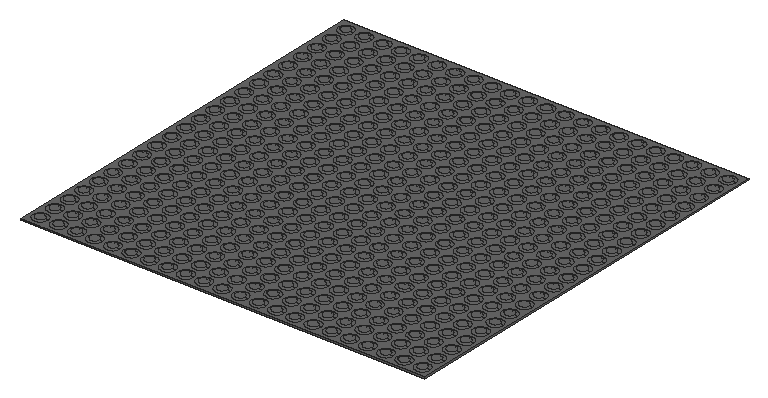
Revit family "141012027113804", category Modelos genéricos, Revit 2018 (continued)
Automatic sketch dimensions
  Blend 360 sketch curve to plane 7 = 297.50 mm  (x2)
  Blend 360 sketch curve to plane 1 "Center F/B" = 247.50 mm  (x2)
  Blend 361 sketch curve to Blend 361 sketch curve = 0.00 mm  (x4)
  Blend 361 sketch curve to plane 7 = 342.50 mm  (x2)
  Blend 361 sketch curve to plane 1 "Center F/B" = 247.50 mm  (x2)
  Blend 362 sketch curve to Blend 362 sketch curve = 0.00 mm  (x4)
  Blend 362 sketch curve to plane 7 = 387.50 mm  (x2)
  Blend 362 sketch curve to plane 1 "Center F/B" = 247.50 mm  (x2)
  Blend 363 sketch curve to Blend 363 sketch curve = 0.00 mm  (x4)
  Blend 363 sketch curve to plane 7 = 432.50 mm  (x2)
  Blend 363 sketch curve to plane 1 "Center F/B" = 247.50 mm  (x2)
  Blend 364 sketch curve to Blend 364 sketch curve = 0.00 mm  (x4)
  Blend 364 sketch curve to plane 7 = 477.50 mm  (x2)
  Blend 364 sketch curve to plane 1 "Center F/B" = 247.50 mm  (x2)
  Blend 365 sketch curve to Blend 365 sketch curve = 0.00 mm  (x4)
  plane 9 "4" to Blend 365 sketch curve = 475.50 mm  (x2)
  Blend 365 sketch curve to plane 1 "Center F/B" = 247.50 mm  (x2)
  Blend 366 sketch curve to Blend 366 sketch curve = 0.00 mm  (x4)
  plane 9 "4" to Blend 366 sketch curve = 430.50 mm  (x2)
  Blend 366 sketch curve to plane 1 "Center F/B" = 247.50 mm  (x2)
  Blend 367 sketch curve to Blend 367 sketch curve = 0.00 mm  (x4)
  plane 9 "4" to Blend 367 sketch curve = 385.50 mm  (x2)
  Blend 367 sketch curve to plane 1 "Center F/B" = 247.50 mm  (x2)
  Blend 368 sketch curve to Blend 368 sketch curve = 0.00 mm  (x4)
  plane 9 "4" to Blend 368 sketch curve = 340.50 mm  (x2)
  Blend 368 sketch curve to plane 1 "Center F/B" = 247.50 mm  (x2)
  Blend 369 sketch curve to Blend 369 sketch curve = 0.00 mm  (x4)
  plane 9 "4" to Blend 369 sketch curve = 295.50 mm  (x2)
  Blend 369 sketch curve to plane 1 "Center F/B" = 247.50 mm  (x2)
  Blend 370 sketch curve to Blend 370 sketch curve = 0.00 mm  (x4)
  plane 9 "4" to Blend 370 sketch curve = 250.50 mm  (x2)
  Blend 370 sketch curve to plane 1 "Center F/B" = 247.50 mm  (x2)
  Blend 371 sketch curve to Blend 371 sketch curve = 0.00 mm  (x4)
  plane 9 "4" to Blend 371 sketch curve = 205.50 mm  (x2)
  Blend 371 sketch curve to plane 1 "Center F/B" = 247.50 mm  (x2)
  Blend 372 sketch curve to Blend 372 sketch curve = 0.00 mm  (x4)
  plane 9 "4" to Blend 372 sketch curve = 160.50 mm  (x2)
  Blend 372 sketch curve to plane 1 "Center F/B" = 247.50 mm  (x2)
  Blend 373 sketch curve to Blend 373 sketch curve = 0.00 mm  (x4)
  plane 9 "4" to Blend 373 sketch curve = 115.50 mm  (x2)
  Blend 373 sketch curve to plane 1 "Center F/B" = 247.50 mm  (x2)
  Blend 374 sketch curve to Blend 374 sketch curve = 0.00 mm  (x4)
  plane 9 "4" to Blend 374 sketch curve = 70.50 mm  (x2)
  Blend 374 sketch curve to plane 1 "Center F/B" = 247.50 mm  (x2)
  Blend 375 sketch curve to Blend 375 sketch curve = 0.00 mm  (x4)
  plane 9 "4" to Blend 375 sketch curve = 25.50 mm  (x2)
  Blend 375 sketch curve to plane 1 "Center F/B" = 247.50 mm  (x2)
  Blend 376 sketch curve to Blend 376 sketch curve = 0.00 mm  (x4)
  Blend 376 sketch curve to plane 7 = 27.50 mm  (x2)
  plane 5 "2" to Blend 376 sketch curve = 207.50 mm  (x2)
  Blend 377 sketch curve to Blend 377 sketch curve = 0.00 mm  (x4)
  Blend 377 sketch curve to plane 7 = 72.50 mm  (x2)
  plane 5 "2" to Blend 377 sketch curve = 207.50 mm  (x2)
  Blend 378 sketch curve to Blend 378 sketch curve = 0.00 mm  (x4)
  Blend 378 sketch curve to plane 7 = 117.50 mm  (x2)
  plane 5 "2" to Blend 378 sketch curve = 207.50 mm  (x2)
  Blend 379 sketch curve to Blend 379 sketch curve = 0.00 mm  (x4)
  Blend 379 sketch curve to plane 7 = 162.50 mm  (x2)
  plane 5 "2" to Blend 379 sketch curve = 207.50 mm  (x2)
  Blend 380 sketch curve to Blend 380 sketch curve = 0.00 mm  (x4)
  Blend 380 sketch curve to plane 7 = 207.50 mm  (x2)
  plane 5 "2" to Blend 380 sketch curve = 207.50 mm  (x2)
  Blend 381 sketch curve to Blend 381 sketch curve = 0.00 mm  (x4)
  Blend 381 sketch curve to plane 7 = 252.50 mm  (x2)
  plane 5 "2" to Blend 381 sketch curve = 207.50 mm  (x2)
  Blend 382 sketch curve to Blend 382 sketch curve = 0.00 mm  (x4)
  Blend 382 sketch curve to plane 7 = 297.50 mm  (x2)
  plane 5 "2" to Blend 382 sketch curve = 207.50 mm  (x2)
  Blend 383 sketch curve to Blend 383 sketch curve = 0.00 mm  (x4)
  Blend 383 sketch curve to plane 7 = 342.50 mm  (x2)
  plane 5 "2" to Blend 383 sketch curve = 207.50 mm  (x2)
  Blend 384 sketch curve to Blend 384 sketch curve = 0.00 mm  (x4)
  Blend 384 sketch curve to plane 7 = 387.50 mm  (x2)
  plane 5 "2" to Blend 384 sketch curve = 207.50 mm  (x2)
  Blend 385 sketch curve to Blend 385 sketch curve = 0.00 mm  (x4)
  plane 5 "2" to Blend 385 sketch curve = 207.50 mm  (x2)
  Blend 385 sketch curve to plane 7 = 432.50 mm  (x2)
  Blend 386 sketch curve to Blend 386 sketch curve = 0.00 mm  (x4)
  plane 5 "2" to Blend 386 sketch curve = 207.50 mm  (x2)
  Blend 386 sketch curve to plane 7 = 477.50 mm  (x2)
  Blend 387 sketch curve to Blend 387 sketch curve = 0.00 mm  (x4)
  plane 5 "2" to Blend 387 sketch curve = 207.50 mm  (x2)
  plane 9 "4" to Blend 387 sketch curve = 475.50 mm  (x2)
  Blend 388 sketch curve to Blend 388 sketch curve = 0.00 mm  (x4)
  plane 5 "2" to Blend 388 sketch curve = 207.50 mm  (x2)
  plane 9 "4" to Blend 388 sketch curve = 430.50 mm  (x2)
  Blend 389 sketch curve to Blend 389 sketch curve = 0.00 mm  (x4)
  plane 9 "4" to Blend 389 sketch curve = 385.50 mm  (x2)
  plane 5 "2" to Blend 389 sketch curve = 207.50 mm  (x2)
  Blend 390 sketch curve to Blend 390 sketch curve = 0.00 mm  (x4)
  plane 9 "4" to Blend 390 sketch curve = 340.50 mm  (x2)
  plane 5 "2" to Blend 390 sketch curve = 207.50 mm  (x2)
  Blend 391 sketch curve to Blend 391 sketch curve = 0.00 mm  (x4)
  plane 9 "4" to Blend 391 sketch curve = 295.50 mm  (x2)
  plane 5 "2" to Blend 391 sketch curve = 207.50 mm  (x2)
  Blend 392 sketch curve to Blend 392 sketch curve = 0.00 mm  (x4)
  plane 9 "4" to Blend 392 sketch curve = 250.50 mm  (x2)
  plane 5 "2" to Blend 392 sketch curve = 207.50 mm  (x2)
  Blend 393 sketch curve to Blend 393 sketch curve = 0.00 mm  (x4)
  plane 9 "4" to Blend 393 sketch curve = 205.50 mm  (x2)
  plane 5 "2" to Blend 393 sketch curve = 207.50 mm  (x2)
  Blend 394 sketch curve to Blend 394 sketch curve = 0.00 mm  (x4)
  plane 9 "4" to Blend 394 sketch curve = 160.50 mm  (x2)
  plane 5 "2" to Blend 394 sketch curve = 207.50 mm  (x2)
  Blend 395 sketch curve to Blend 395 sketch curve = 0.00 mm  (x4)
  plane 9 "4" to Blend 395 sketch curve = 115.50 mm  (x2)
  plane 5 "2" to Blend 395 sketch curve = 207.50 mm  (x2)
  Blend 396 sketch curve to Blend 396 sketch curve = 0.00 mm  (x4)
  plane 9 "4" to Blend 396 sketch curve = 70.50 mm  (x2)
  plane 5 "2" to Blend 396 sketch curve = 207.50 mm  (x2)
  Blend 397 sketch curve to Blend 397 sketch curve = 0.00 mm  (x4)
  plane 9 "4" to Blend 397 sketch curve = 25.50 mm  (x2)
  plane 5 "2" to Blend 397 sketch curve = 207.50 mm  (x2)
  Blend 398 sketch curve to Blend 398 sketch curve = 0.00 mm  (x4)
  Blend 398 sketch curve to plane 7 = 27.50 mm  (x2)
  plane 5 "2" to Blend 398 sketch curve = 162.50 mm  (x2)
  Blend 399 sketch curve to Blend 399 sketch curve = 0.00 mm  (x4)
  Blend 399 sketch curve to plane 7 = 72.50 mm  (x2)
  plane 5 "2" to Blend 399 sketch curve = 162.50 mm  (x2)
  Blend 400 sketch curve to Blend 400 sketch curve = 0.00 mm  (x4)
  Blend 400 sketch curve to plane 7 = 117.50 mm  (x2)
  plane 5 "2" to Blend 400 sketch curve = 162.50 mm  (x2)
  Blend 401 sketch curve to Blend 401 sketch curve = 0.00 mm  (x4)
  Blend 401 sketch curve to plane 7 = 162.50 mm  (x2)
  plane 5 "2" to Blend 401 sketch curve = 162.50 mm  (x2)
  Blend 402 sketch curve to Blend 402 sketch curve = 0.00 mm  (x4)
  Blend 402 sketch curve to plane 7 = 207.50 mm  (x2)
  plane 5 "2" to Blend 402 sketch curve = 162.50 mm  (x2)
  Blend 403 sketch curve to Blend 403 sketch curve = 0.00 mm  (x4)
  Blend 403 sketch curve to plane 7 = 252.50 mm  (x2)
  plane 5 "2" to Blend 403 sketch curve = 162.50 mm  (x2)
  Blend 404 sketch curve to Blend 404 sketch curve = 0.00 mm  (x4)
  Blend 404 sketch curve to plane 7 = 297.50 mm  (x2)
  plane 5 "2" to Blend 404 sketch curve = 162.50 mm  (x2)
  Blend 405 sketch curve to Blend 405 sketch curve = 0.00 mm  (x4)
  plane 5 "2" to Blend 405 sketch curve = 162.50 mm  (x2)
  Blend 405 sketch curve to plane 7 = 342.50 mm  (x2)
  Blend 406 sketch curve to Blend 406 sketch curve = 0.00 mm  (x4)
  plane 5 "2" to Blend 406 sketch curve = 162.50 mm  (x2)
  Blend 406 sketch curve to plane 7 = 387.50 mm  (x2)
  Blend 407 sketch curve to Blend 407 sketch curve = 0.00 mm  (x4)
  plane 5 "2" to Blend 407 sketch curve = 162.50 mm  (x2)
  Blend 407 sketch curve to plane 7 = 432.50 mm  (x2)
  Blend 408 sketch curve to Blend 408 sketch curve = 0.00 mm  (x4)
  plane 5 "2" to Blend 408 sketch curve = 162.50 mm  (x2)
  Blend 408 sketch curve to plane 7 = 477.50 mm  (x2)
  Blend 409 sketch curve to Blend 409 sketch curve = 0.00 mm  (x4)
  plane 5 "2" to Blend 409 sketch curve = 162.50 mm  (x2)
  plane 9 "4" to Blend 409 sketch curve = 475.50 mm  (x2)
  Blend 410 sketch curve to Blend 410 sketch curve = 0.00 mm  (x4)
  plane 5 "2" to Blend 410 sketch curve = 162.50 mm  (x2)
  plane 9 "4" to Blend 410 sketch curve = 430.50 mm  (x2)
  Blend 411 sketch curve to Blend 411 sketch curve = 0.00 mm  (x4)
  plane 5 "2" to Blend 411 sketch curve = 162.50 mm  (x2)
  plane 9 "4" to Blend 411 sketch curve = 385.50 mm  (x2)
  Blend 412 sketch curve to Blend 412 sketch curve = 0.00 mm  (x4)
  plane 5 "2" to Blend 412 sketch curve = 162.50 mm  (x2)
  plane 9 "4" to Blend 412 sketch curve = 340.50 mm  (x2)
  Blend 413 sketch curve to Blend 413 sketch curve = 0.00 mm  (x4)
  plane 9 "4" to Blend 413 sketch curve = 295.50 mm  (x2)
  plane 5 "2" to Blend 413 sketch curve = 162.50 mm  (x2)
  Blend 414 sketch curve to Blend 414 sketch curve = 0.00 mm  (x4)
  plane 9 "4" to Blend 414 sketch curve = 250.50 mm  (x2)
  plane 5 "2" to Blend 414 sketch curve = 162.50 mm  (x2)
  Blend 415 sketch curve to Blend 415 sketch curve = 0.00 mm  (x4)
  plane 9 "4" to Blend 415 sketch curve = 205.50 mm  (x2)
  plane 5 "2" to Blend 415 sketch curve = 162.50 mm  (x2)
  Blend 416 sketch curve to Blend 416 sketch curve = 0.00 mm  (x4)
  plane 9 "4" to Blend 416 sketch curve = 160.50 mm  (x2)
  plane 5 "2" to Blend 416 sketch curve = 162.50 mm  (x2)
  Blend 417 sketch curve to Blend 417 sketch curve = 0.00 mm  (x4)
  plane 9 "4" to Blend 417 sketch curve = 115.50 mm  (x2)
  plane 5 "2" to Blend 417 sketch curve = 162.50 mm  (x2)
  Blend 418 sketch curve to Blend 418 sketch curve = 0.00 mm  (x4)
  plane 9 "4" to Blend 418 sketch curve = 70.50 mm  (x2)
  plane 5 "2" to Blend 418 sketch curve = 162.50 mm  (x2)
  Blend 419 sketch curve to Blend 419 sketch curve = 0.00 mm  (x4)
  plane 9 "4" to Blend 419 sketch curve = 25.50 mm  (x2)
  plane 5 "2" to Blend 419 sketch curve = 162.50 mm  (x2)
  Blend 420 sketch curve to Blend 420 sketch curve = 0.00 mm  (x4)
  Blend 420 sketch curve to plane 7 = 27.50 mm  (x2)
  plane 5 "2" to Blend 420 sketch curve = 117.50 mm  (x2)
  Blend 421 sketch curve to Blend 421 sketch curve = 0.00 mm  (x4)
  Blend 421 sketch curve to plane 7 = 72.50 mm  (x2)
  plane 5 "2" to Blend 421 sketch curve = 117.50 mm  (x2)
  Blend 422 sketch curve to Blend 422 sketch curve = 0.00 mm  (x4)
  Blend 422 sketch curve to plane 7 = 117.50 mm  (x2)
  plane 5 "2" to Blend 422 sketch curve = 117.50 mm  (x2)
  Blend 423 sketch curve to Blend 423 sketch curve = 0.00 mm  (x4)
  Blend 423 sketch curve to plane 7 = 162.50 mm  (x2)
  plane 5 "2" to Blend 423 sketch curve = 117.50 mm  (x2)
  Blend 424 sketch curve to Blend 424 sketch curve = 0.00 mm  (x4)
  Blend 424 sketch curve to plane 7 = 207.50 mm  (x2)
  plane 5 "2" to Blend 424 sketch curve = 117.50 mm  (x2)
  Blend 425 sketch curve to Blend 425 sketch curve = 0.00 mm  (x4)
  plane 5 "2" to Blend 425 sketch curve = 117.50 mm  (x2)
  Blend 425 sketch curve to plane 7 = 252.50 mm  (x2)
  Blend 426 sketch curve to Blend 426 sketch curve = 0.00 mm  (x4)
  plane 5 "2" to Blend 426 sketch curve = 117.50 mm  (x2)
  Blend 426 sketch curve to plane 7 = 297.50 mm  (x2)
  Blend 427 sketch curve to Blend 427 sketch curve = 0.00 mm  (x4)
  plane 5 "2" to Blend 427 sketch curve = 117.50 mm  (x2)
  Blend 427 sketch curve to plane 7 = 342.50 mm  (x2)
  Blend 428 sketch curve to Blend 428 sketch curve = 0.00 mm  (x4)
  plane 5 "2" to Blend 428 sketch curve = 117.50 mm  (x2)
  Blend 428 sketch curve to plane 7 = 387.50 mm  (x2)
  Blend 429 sketch curve to Blend 429 sketch curve = 0.00 mm  (x4)
  plane 5 "2" to Blend 429 sketch curve = 117.50 mm  (x2)
  Blend 429 sketch curve to plane 7 = 432.50 mm  (x2)
  Blend 430 sketch curve to Blend 430 sketch curve = 0.00 mm  (x4)
  plane 5 "2" to Blend 430 sketch curve = 117.50 mm  (x2)
  Blend 430 sketch curve to plane 7 = 477.50 mm  (x2)
  Blend 431 sketch curve to Blend 431 sketch curve = 0.00 mm  (x4)
  plane 5 "2" to Blend 431 sketch curve = 117.50 mm  (x2)
  plane 9 "4" to Blend 431 sketch curve = 475.50 mm  (x2)
  Blend 432 sketch curve to Blend 432 sketch curve = 0.00 mm  (x4)
  plane 5 "2" to Blend 432 sketch curve = 117.50 mm  (x2)
  plane 9 "4" to Blend 432 sketch curve = 430.50 mm  (x2)
  Blend 433 sketch curve to Blend 433 sketch curve = 0.00 mm  (x4)
  plane 5 "2" to Blend 433 sketch curve = 117.50 mm  (x2)
  plane 9 "4" to Blend 433 sketch curve = 385.50 mm  (x2)
  Blend 434 sketch curve to Blend 434 sketch curve = 0.00 mm  (x4)
  plane 5 "2" to Blend 434 sketch curve = 117.50 mm  (x2)
  plane 9 "4" to Blend 434 sketch curve = 340.50 mm  (x2)
  Blend 435 sketch curve to Blend 435 sketch curve = 0.00 mm  (x4)
  plane 5 "2" to Blend 435 sketch curve = 117.50 mm  (x2)
  plane 9 "4" to Blend 435 sketch curve = 295.50 mm  (x2)
  Blend 436 sketch curve to Blend 436 sketch curve = 0.00 mm  (x4)
  plane 5 "2" to Blend 436 sketch curve = 117.50 mm  (x2)
  plane 9 "4" to Blend 436 sketch curve = 250.50 mm  (x2)
  Blend 437 sketch curve to Blend 437 sketch curve = 0.00 mm  (x4)
  plane 9 "4" to Blend 437 sketch curve = 205.50 mm  (x2)
  plane 5 "2" to Blend 437 sketch curve = 117.50 mm  (x2)
  Blend 438 sketch curve to Blend 438 sketch curve = 0.00 mm  (x4)
  plane 9 "4" to Blend 438 sketch curve = 160.50 mm  (x2)
  plane 5 "2" to Blend 438 sketch curve = 117.50 mm  (x2)
  Blend 439 sketch curve to Blend 439 sketch curve = 0.00 mm  (x4)
  plane 9 "4" to Blend 439 sketch curve = 115.50 mm  (x2)
  plane 5 "2" to Blend 439 sketch curve = 117.50 mm  (x2)
  Blend 440 sketch curve to Blend 440 sketch curve = 0.00 mm  (x4)
  plane 9 "4" to Blend 440 sketch curve = 70.50 mm  (x2)
  plane 5 "2" to Blend 440 sketch curve = 117.50 mm  (x2)
  Blend 441 sketch curve to Blend 441 sketch curve = 0.00 mm  (x4)
  plane 9 "4" to Blend 441 sketch curve = 25.50 mm  (x2)
  plane 5 "2" to Blend 441 sketch curve = 117.50 mm  (x2)
  Blend 442 sketch curve to Blend 442 sketch curve = 0.00 mm  (x4)
  Blend 442 sketch curve to plane 7 = 27.50 mm  (x2)
  plane 5 "2" to Blend 442 sketch curve = 72.50 mm  (x2)
  Blend 443 sketch curve to Blend 443 sketch curve = 0.00 mm  (x4)
  Blend 443 sketch curve to plane 7 = 72.50 mm  (x2)
  plane 5 "2" to Blend 443 sketch curve = 72.50 mm  (x2)
  Blend 444 sketch curve to Blend 444 sketch curve = 0.00 mm  (x4)
  Blend 444 sketch curve to plane 7 = 117.50 mm  (x2)
  plane 5 "2" to Blend 444 sketch curve = 72.50 mm  (x2)
  Blend 445 sketch curve to Blend 445 sketch curve = 0.00 mm  (x4)
  plane 5 "2" to Blend 445 sketch curve = 72.50 mm  (x2)
  Blend 445 sketch curve to plane 7 = 162.50 mm  (x2)
  Blend 446 sketch curve to Blend 446 sketch curve = 0.00 mm  (x4)
  plane 5 "2" to Blend 446 sketch curve = 72.50 mm  (x2)
  Blend 446 sketch curve to plane 7 = 207.50 mm  (x2)
  Blend 447 sketch curve to Blend 447 sketch curve = 0.00 mm  (x4)
  plane 5 "2" to Blend 447 sketch curve = 72.50 mm  (x2)
  Blend 447 sketch curve to plane 7 = 252.50 mm  (x2)
  Blend 448 sketch curve to Blend 448 sketch curve = 0.00 mm  (x4)
  plane 5 "2" to Blend 448 sketch curve = 72.50 mm  (x2)
  Blend 448 sketch curve to plane 7 = 297.50 mm  (x2)
  Blend 449 sketch curve to Blend 449 sketch curve = 0.00 mm  (x4)
  plane 5 "2" to Blend 449 sketch curve = 72.50 mm  (x2)
  Blend 449 sketch curve to plane 7 = 342.50 mm  (x2)
  Blend 450 sketch curve to Blend 450 sketch curve = 0.00 mm  (x4)
  plane 5 "2" to Blend 450 sketch curve = 72.50 mm  (x2)
  Blend 450 sketch curve to plane 7 = 387.50 mm  (x2)
  Blend 451 sketch curve to Blend 451 sketch curve = 0.00 mm  (x4)
  plane 5 "2" to Blend 451 sketch curve = 72.50 mm  (x2)
  Blend 451 sketch curve to plane 7 = 432.50 mm  (x2)
  Blend 452 sketch curve to Blend 452 sketch curve = 0.00 mm  (x4)
  plane 5 "2" to Blend 452 sketch curve = 72.50 mm  (x2)
  Blend 452 sketch curve to plane 7 = 477.50 mm  (x2)
  Blend 453 sketch curve to Blend 453 sketch curve = 0.00 mm  (x4)
  plane 5 "2" to Blend 453 sketch curve = 72.50 mm  (x2)
  plane 9 "4" to Blend 453 sketch curve = 475.50 mm  (x2)
  Blend 454 sketch curve to Blend 454 sketch curve = 0.00 mm  (x4)
  plane 5 "2" to Blend 454 sketch curve = 72.50 mm  (x2)
  plane 9 "4" to Blend 454 sketch curve = 430.50 mm  (x2)
  Blend 455 sketch curve to Blend 455 sketch curve = 0.00 mm  (x4)
  plane 5 "2" to Blend 455 sketch curve = 72.50 mm  (x2)
  plane 9 "4" to Blend 455 sketch curve = 385.50 mm  (x2)
  Blend 456 sketch curve to Blend 456 sketch curve = 0.00 mm  (x4)
  plane 5 "2" to Blend 456 sketch curve = 72.50 mm  (x2)
  plane 9 "4" to Blend 456 sketch curve = 340.50 mm  (x2)
  Blend 457 sketch curve to Blend 457 sketch curve = 0.00 mm  (x4)
  plane 5 "2" to Blend 457 sketch curve = 72.50 mm  (x2)
  plane 9 "4" to Blend 457 sketch curve = 295.50 mm  (x2)
  Blend 458 sketch curve to Blend 458 sketch curve = 0.00 mm  (x4)
  plane 5 "2" to Blend 458 sketch curve = 72.50 mm  (x2)
  plane 9 "4" to Blend 458 sketch curve = 250.50 mm  (x2)
  Blend 459 sketch curve to Blend 459 sketch curve = 0.00 mm  (x4)
  plane 5 "2" to Blend 459 sketch curve = 72.50 mm  (x2)
  plane 9 "4" to Blend 459 sketch curve = 205.50 mm  (x2)
  Blend 460 sketch curve to Blend 460 sketch curve = 0.00 mm  (x4)
  plane 5 "2" to Blend 460 sketch curve = 72.50 mm  (x2)
  plane 9 "4" to Blend 460 sketch curve = 160.50 mm  (x2)
  Blend 461 sketch curve to Blend 461 sketch curve = 0.00 mm  (x4)
  plane 9 "4" to Blend 461 sketch curve = 115.50 mm  (x2)
  plane 5 "2" to Blend 461 sketch curve = 72.50 mm  (x2)
  Blend 462 sketch curve to Blend 462 sketch curve = 0.00 mm  (x4)
  plane 9 "4" to Blend 462 sketch curve = 70.50 mm  (x2)
  plane 5 "2" to Blend 462 sketch curve = 72.50 mm  (x2)
  Blend 463 sketch curve to Blend 463 sketch curve = 0.00 mm  (x4)
  plane 9 "4" to Blend 463 sketch curve = 25.50 mm  (x2)
  plane 5 "2" to Blend 463 sketch curve = 72.50 mm  (x2)
  Blend 464 sketch curve to Blend 464 sketch curve = 0.00 mm  (x4)
  Blend 464 sketch curve to plane 7 = 27.50 mm  (x2)
  plane 5 "2" to Blend 464 sketch curve = 27.50 mm  (x2)
  Blend 465 sketch curve to Blend 465 sketch curve = 0.00 mm  (x4)
  plane 5 "2" to Blend 465 sketch curve = 27.50 mm  (x2)
  Blend 465 sketch curve to plane 7 = 72.50 mm  (x2)
  Blend 466 sketch curve to Blend 466 sketch curve = 0.00 mm  (x4)
  plane 5 "2" to Blend 466 sketch curve = 27.50 mm  (x2)
  Blend 466 sketch curve to plane 7 = 117.50 mm  (x2)
  Blend 467 sketch curve to Blend 467 sketch curve = 0.00 mm  (x4)
  plane 5 "2" to Blend 467 sketch curve = 27.50 mm  (x2)
  Blend 467 sketch curve to plane 7 = 162.50 mm  (x2)
  Blend 468 sketch curve to Blend 468 sketch curve = 0.00 mm  (x4)
  plane 5 "2" to Blend 468 sketch curve = 27.50 mm  (x2)
  Blend 468 sketch curve to plane 7 = 207.50 mm  (x2)
  Blend 469 sketch curve to Blend 469 sketch curve = 0.00 mm  (x4)
  plane 5 "2" to Blend 469 sketch curve = 27.50 mm  (x2)
  Blend 469 sketch curve to plane 7 = 252.50 mm  (x2)
  Blend 470 sketch curve to Blend 470 sketch curve = 0.00 mm  (x4)
  plane 5 "2" to Blend 470 sketch curve = 27.50 mm  (x2)
  Blend 470 sketch curve to plane 7 = 297.50 mm  (x2)
  Blend 471 sketch curve to Blend 471 sketch curve = 0.00 mm  (x4)
  plane 5 "2" to Blend 471 sketch curve = 27.50 mm  (x2)
  Blend 471 sketch curve to plane 7 = 342.50 mm  (x2)
  Blend 472 sketch curve to Blend 472 sketch curve = 0.00 mm  (x4)
  plane 5 "2" to Blend 472 sketch curve = 27.50 mm  (x2)
  Blend 472 sketch curve to plane 7 = 387.50 mm  (x2)
  Blend 473 sketch curve to Blend 473 sketch curve = 0.00 mm  (x4)
  plane 5 "2" to Blend 473 sketch curve = 27.50 mm  (x2)
  Blend 473 sketch curve to plane 7 = 432.50 mm  (x2)
  Blend 474 sketch curve to Blend 474 sketch curve = 0.00 mm  (x4)
  plane 5 "2" to Blend 474 sketch curve = 27.50 mm  (x2)
  Blend 474 sketch curve to plane 7 = 477.50 mm  (x2)
  Blend 475 sketch curve to Blend 475 sketch curve = 0.00 mm  (x4)
  plane 5 "2" to Blend 475 sketch curve = 27.50 mm  (x2)
  plane 9 "4" to Blend 475 sketch curve = 475.50 mm  (x2)
  Blend 476 sketch curve to Blend 476 sketch curve = 0.00 mm  (x4)
  plane 5 "2" to Blend 476 sketch curve = 27.50 mm  (x2)
  plane 9 "4" to Blend 476 sketch curve = 430.50 mm  (x2)
  Blend 477 sketch curve to Blend 477 sketch curve = 0.00 mm  (x4)
  plane 5 "2" to Blend 477 sketch curve = 27.50 mm  (x2)
  plane 9 "4" to Blend 477 sketch curve = 385.50 mm  (x2)
  Blend 478 sketch curve to Blend 478 sketch curve = 0.00 mm  (x4)
  plane 5 "2" to Blend 478 sketch curve = 27.50 mm  (x2)
  plane 9 "4" to Blend 478 sketch curve = 340.50 mm  (x2)
  Blend 479 sketch curve to Blend 479 sketch curve = 0.00 mm  (x4)
  plane 5 "2" to Blend 479 sketch curve = 27.50 mm  (x2)
  plane 9 "4" to Blend 479 sketch curve = 295.50 mm  (x2)
  Blend 480 sketch curve to Blend 480 sketch curve = 0.00 mm  (x4)
  plane 5 "2" to Blend 480 sketch curve = 27.50 mm  (x2)
  plane 9 "4" to Blend 480 sketch curve = 250.50 mm  (x2)
  Blend 481 sketch curve to Blend 481 sketch curve = 0.00 mm  (x4)
  plane 5 "2" to Blend 481 sketch curve = 27.50 mm  (x2)
  plane 9 "4" to Blend 481 sketch curve = 205.50 mm  (x2)
  Blend 482 sketch curve to Blend 482 sketch curve = 0.00 mm  (x4)
  plane 5 "2" to Blend 482 sketch curve = 27.50 mm  (x2)
  plane 9 "4" to Blend 482 sketch curve = 160.50 mm  (x2)
  Blend 483 sketch curve to Blend 483 sketch curve = 0.00 mm  (x4)
  plane 5 "2" to Blend 483 sketch curve = 27.50 mm  (x2)
  plane 9 "4" to Blend 483 sketch curve = 115.50 mm  (x2)
  Blend 484 sketch curve to Blend 484 sketch curve = 0.00 mm  (x4)
  plane 5 "2" to Blend 484 sketch curve = 27.50 mm  (x2)
  plane 9 "4" to Blend 484 sketch curve = 70.50 mm  (x2)
  Blend 485 sketch curve to Blend 485 sketch curve = 0.00 mm  (x4)
  plane 9 "4" to Blend 485 sketch curve = 25.50 mm  (x2)
  plane 5 "2" to Blend 485 sketch curve = 27.50 mm  (x2)
  Extrusion 1 sketch curve to level = 0.00 mm
